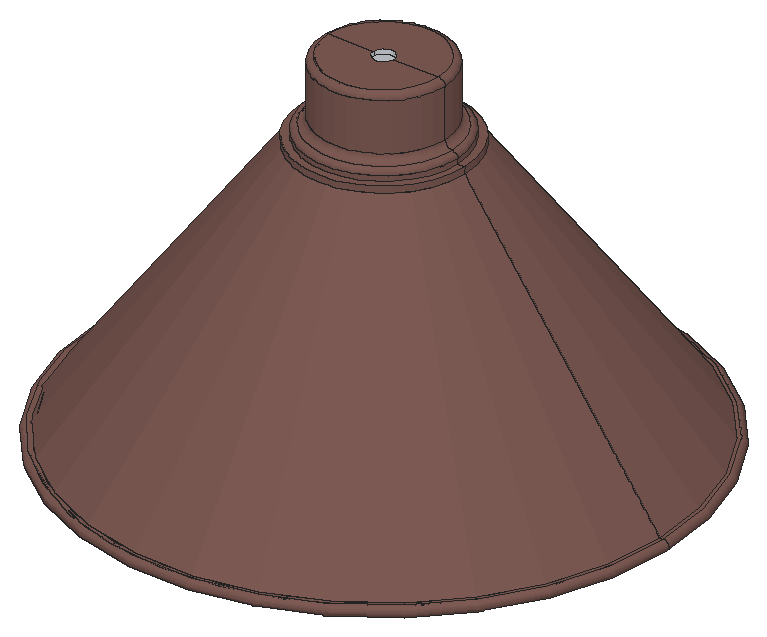
Revit family "CS14 SHADE", category Lighting Fixtures, Revit 2024
Family settings
  Round Connector Dimension = Use Diameter
  Part Type = Normal
  OmniClass Number = 23.80.70.00
  OmniClass Title = Lighting
  Work Plane-Based = No
  Always vertical = Yes
  Cut with Voids When Loaded = No
  Light Source = Yes
  Maintain Annotation Orientation = No
  Shared = No
  Room Calculation Point = No
Parameters
  Wattage = 12.1178 W
  built-in parameter 1150110 = 1 (stored number, unit not read)
  built-in parameter 1114217 = 1 (stored number, unit not read)
  built-in parameter 1150109 = 1 (stored number, unit not read)
  built-in parameter 1150134 = (empty or 0)
  built-in parameter 1150113 = 1 (stored number, unit not read)
  Lumens = 1800 lm
  built-in parameter 1150115 = 1 (stored number, unit not read)
  built-in parameter 1150105 = 572.96 (stored number, unit not read)
  Light Source Symbol Size = 2' - 0"
  built-in parameter 1150137 = (empty or 0)
  built-in parameter 1150139 = (empty or 0)
  built-in parameter 1150112 = 1 (stored number, unit not read)
  built-in parameter 1150114 = 1 (stored number, unit not read)
  built-in parameter 1150132 = 2
  built-in parameter 1150102 = (empty or 0)
  built-in parameter 1150138 = (empty or 0)
  built-in parameter 1150107 = 3000 (stored number, unit not read)
  built-in parameter 1150106 = 5.7296 (stored number, unit not read)
  built-in parameter 1150104 = 13.8 (stored number, unit not read)
  Dimming Lamp Color Temperature Shift = (empty or 0)
  Default Elevation = 0' - 0"
  Color Filter = 16777215
  built-in parameter 1114218 = 1 (stored number, unit not read)
  built-in parameter 1150133 = 10 (stored number, unit not read)
Reference planes (in)
  plane 1 "Light Source Axis (F/B)": y = 0
  plane 2: z = 0
  plane 3 "Light Source Axis (L/R)": x = 0
  plane 4 "Light Source Elevation": z = 84
Forms (in)
  Revolve 1, solid, not visible
    sketch origin (0, 0, 0) x (1, 0, 0) y (0, 0, 1)
      loop
        line (-2.99192, 88.09279) -> (-2.89556, 88.09279) -> (-2.89556, 88.38477) -> (-2.99192, 88.38477) -> (-2.99192, 88.09279)
      axis (-2.89556, 88.09279) -> (-2.99192, 88.09279)
    angle from 0 to 360
  Sweep 2, solid, not visible
    path origin (0, 0, 0) x (1, 0, 0) y (0, 0, 1)
      loop
        arc (-2.97158, 88.08519) -> (-3.96217, 87.55604) -> (-4.35786, 86.505) r 1.59375
        line (-4.35786, 86.505) -> (-4.35786, 85.3018)
    profile origin (-3.96217, 0, 87.55604) x (0.751723, 0, -0.659479) y (0, -1, 0)
      loop
        circle (0, 0) r 0.15625
  Revolve 3, solid, not visible
    sketch origin (0, 0, 0) x (1, 0, 0) y (0, 0, 1)
      loop
        line (-4.84702, 85.01395) -> (-4.61007, 85.21882) -> (-4.67548, 85.29447) -> (-5.07238, 85.7535)
        arc (-5.07238, 85.7535) -> (-5.11657, 85.32649) -> (-4.68956, 85.2823) r 0.30356
        line (-4.68956, 85.2823) -> (-4.91791, 85.08485) -> (-4.84702, 85.01395)
      axis (-4.61007, 85.21882) -> (-5.07238, 85.7535)
    angle from 0 to 360
  Revolve 4, solid
    sketch origin (0, 0, 0) x (1, 0, 0) y (0, 0, 1)
      loop
        line (-6.75038, 84.13471) -> (-1.90625, 90.56308) -> (-1.90625, 90.65625) -> (-1.71825, 90.65625) -> (-1.71825, 90.8714)
        arc (-1.71825, 90.8714) -> (-1.70751, 90.89734) -> (-1.68157, 90.90808) r 0.03668
        arc (-1.68157, 90.90808) -> (-1.48689, 90.98872) -> (-1.40625, 91.1834) r 0.27532
        line (-1.40625, 91.1834) -> (-1.40625, 92.35)
        arc (-1.40625, 92.35) -> (-1.38977, 92.38977) -> (-1.35, 92.40625) r 0.05625
        line (-1.35, 92.40625) -> (-0.25, 92.40625) -> (-0.25, 92.5) -> (-1.35, 92.5)
        arc (-1.35, 92.5) -> (-1.45607, 92.45607) -> (-1.5, 92.35) r 0.15
        line (-1.5, 92.35) -> (-1.5, 91.1834)
        arc (-1.5, 91.1834) -> (-1.55318, 91.05501) -> (-1.68157, 91.00183) r 0.18157
        arc (-1.68157, 91.00183) -> (-1.7738, 90.96363) -> (-1.812, 90.8714) r 0.13043
        line (-1.812, 90.8714) -> (-1.812, 90.75) -> (-2, 90.75) -> (-2, 90.59445) -> (-6.78089, 84.25) -> (-6.875, 84.25)
        arc (-6.875, 84.25) -> (-6.95989, 84.03324) -> (-6.75038, 84.13471) r 0.125
      axis (0, 92.5) -> (0, 84.13471)
    angle from 0 to 360
Dimensions and locks (in)
  aligned and locked: plane 3 "Light Source Axis (L/R)" to imposter light
  aligned and locked: plane 1 "Light Source Axis (F/B)" to imposter light
  aligned and locked: plane 4 "Light Source Elevation" to imposter light
  aligned and locked: level to plane 2
